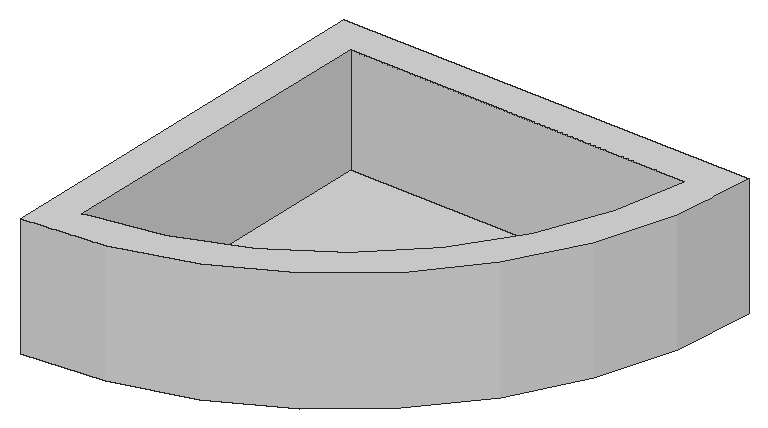
Revit family
Reference planes (in)
  plane 1 "Center (Front/Back)": y = 0
  plane 2: z = 0
  plane 3 "Center (Left/Right)": x = 0
Forms (in)
  Extrusion 1, solid, material "Porcelain"
    sketch origin (-25.32329, -130.91585, 0) x (1, 0, 0) y (0, 1, 0)
      loop
        arc (25.32329, 101.08298) -> (46.5365, 109.86977) -> (55.32329, 131.08298) r 30
        line (55.32329, 131.08298) -> (25.32329, 131.08298) -> (25.32329, 101.08298)
    from 0 to 9
  Extrusion 2, void
    sketch origin (-25.32329, -130.91585, 0) x (1, 0, 0) y (0, 1, 0)
      loop
        line (27.82329, 128.58298) -> (27.82329, 103.69685)
        arc (27.82329, 103.69685) -> (44.76873, 111.63754) -> (52.70942, 128.58298) r 27.5
        line (52.70942, 128.58298) -> (27.82329, 128.58298)
    from 1 to 9
Cuts and joins
  Extrusion 2 cuts Extrusion 1
Lines and regions (in)
  model lines
    curve 1: line (2.5, -2.33288, 1) -> (9.34629, -9.17916, 1)
    curve 2: circle (10.7605, -10.59338, 1) r 2 normal (0, 0, 1)
    curve 3: line (2.5, -27.219, 1) -> (9.87059, -12.38448, 1)
    curve 4: line (12.5516, -9.70346, 1) -> (27.38613, -2.33288, 1)
